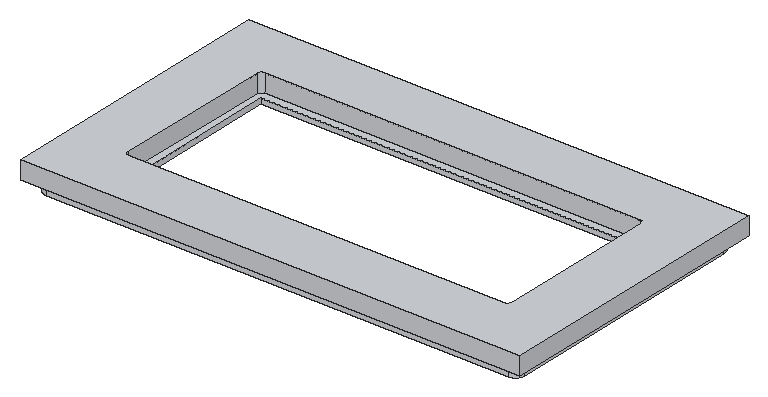
Revit family "Gira_100218", category Electrical Fixtures, host Face, Revit 2017
Family settings
  Host = Face
  Maintain Annotation Orientation = No
  Round Connector Dimension = Use Diameter
  Part Type = Normal
  Cut with Voids When Loaded = No
  Shared = No
  Room Calculation Point = No
Parameters (values of type "Abdeckrahmen 2f o.M. Gira Esprit G Mint")
  Werkstoffgüte = "Echtglas"
  Werkstoff = "Glas"
  URL = "http://katalog.gira.de/de_DE/datenblatt.html?artikelnr=100218"
  Transparent = "No"
  Textfeld/Beschriftungsfläche = "No"
  Schutzart (IP) = "IP20"
  Region = "DE"
  Oberfläche = "sonstige"
  Name = "Abdeckrahmen 2f o.M. Gira Esprit G Mint"
  Montagerichtung = "horizontal und vertikal"
  Mit Montagerahmen = "No"
  Mit Klappdeckel = "No"
  Manufacturer URL = "https://www.gira.de/"
  Keynote = "Espr._Rahmen_2fach o.Mittelsteg"
  HeinzeBIM = "https://bimportal.heinze.de/bim/abdeckrahmen-2f-o-m-gira-esprit-g-mint/db542029d21295cbae78b025ad7f3744c507244b"
  Halogenfrei = "No"
  HAN = "100218"
  Geeignet für Unterputz-Installation = "Yes"
  Geeignet für Unterflurkanaldose = "No"
  Geeignet für Geräteeinbaukanal = "No"
  Geeignet für Einbauinstallation = "No"
  GTIN = "4010337002185"
  Farbe = "grün"
  Default Elevation = 1219.2 mm
  Data sheet (1) = "https://katalog.gira.de/de_DE/download.html?artikelnr=100218"
  Category = "Abdeckrahmen"
  Befestigungsart = "Klemmbefestigung"
  Available = "Yes"
  Anzahl der Einheiten vertikal = "2 "
  Anzahl der Einheiten horizontal = "2 "
  Anzahl der Einheiten = "2 "
Reference planes
  plane 1 "Center (Front/Back)": y = 0
  plane 2: z = 0
  plane 3 "Center (Left/Right)": x = 0
Forms (mm)
  Extrusion 1, solid, detail levels fine
    sketch origin (0, 0, 0) x (1, 0, 0) y (0, 1, 0)
      loop
        line (-83, 47.5) -> (-83, -47.5) -> (83, -47.5) -> (83, 47.5) -> (-83, 47.5)
      loop
        arc (-63.75, -26.7) -> (-63.311, -27.761) -> (-62.25, -28.2) r 1.5
        line (-62.25, -28.2) -> (62.25, -28.2)
        arc (62.25, -28.2) -> (63.311, -27.761) -> (63.75, -26.7) r 1.5
        line (63.75, -26.7) -> (63.75, 26.7)
        arc (63.75, 26.7) -> (63.311, 27.761) -> (62.25, 28.2) r 1.5
        line (62.25, 28.2) -> (-62.25, 28.2)
        arc (-62.25, 28.2) -> (-63.311, 27.761) -> (-63.75, 26.7) r 1.5
        line (-63.75, 26.7) -> (-63.75, -26.7)
    from 0 to 6
  Extrusion 2, solid, detail levels fine
    sketch origin (0, 0, 0) x (1, 0, 0) y (0, 1, 0)
      loop
        line (-61.518, -25.7) -> (61.45, -25.7) -> (61.45, 25.7) -> (-61.518, 25.7) -> (-61.518, -25.7)
      loop
        arc (-78.55, -41.3) -> (-78.023, -42.573) -> (-76.75, -43.1) r 1.8
        line (-76.75, -43.1) -> (77.95, -43.1)
        arc (77.95, -43.1) -> (79.223, -42.573) -> (79.75, -41.3) r 1.8
        line (79.75, -41.3) -> (79.75, 41.3)
        arc (79.75, 41.3) -> (79.223, 42.573) -> (77.95, 43.1) r 1.8
        line (77.95, 43.1) -> (-76.75, 43.1)
        arc (-76.75, 43.1) -> (-78.023, 42.573) -> (-78.55, 41.3) r 1.8
        line (-78.55, 41.3) -> (-78.55, -41.3)
    from -1.9 to 0
  Extrusion 3, solid, detail levels fine
    sketch origin (0, 0, 0) x (1, 0, 0) y (0, 1, 0)
      loop
        arc (-76.75, 44.4) -> (-78.871, 43.521) -> (-79.75, 41.4) r 3
        line (-79.75, 41.4) -> (-79.75, -41.4)
        arc (-79.75, -41.4) -> (-78.871, -43.521) -> (-76.75, -44.4) r 3
        line (-76.75, -44.4) -> (76.75, -44.4)
        arc (76.75, -44.4) -> (78.871, -43.521) -> (79.75, -41.4) r 3
        line (79.75, -41.4) -> (79.75, 41.4)
        arc (79.75, 41.4) -> (78.871, 43.521) -> (76.75, 44.4) r 3
        line (76.75, 44.4) -> (-76.75, 44.4)
      loop
        arc (-78.55, -41.4) -> (-78.023, -42.673) -> (-76.75, -43.2) r 1.8
        line (-76.75, -43.2) -> (76.75, -43.2)
        arc (76.75, -43.2) -> (78.023, -42.673) -> (78.55, -41.4) r 1.8
        line (78.55, -41.4) -> (78.55, 41.4)
        arc (78.55, 41.4) -> (78.023, 42.673) -> (76.75, 43.2) r 1.8
        line (76.75, 43.2) -> (-76.75, 43.2)
        arc (-76.75, 43.2) -> (-78.023, 42.673) -> (-78.55, 41.4) r 1.8
        line (-78.55, 41.4) -> (-78.55, -41.4)
    from -3.7 to 0
  Extrusion 4, solid, detail levels medium
    sketch origin (0, 0, 0) x (1, 0, 0) y (0, 1, 0)
      loop
        line (-83, 47.5) -> (-83, -47.5) -> (83, -47.5) -> (83, 47.5) -> (-83, 47.5)
    from 0 to 6
  Extrusion 5, solid, detail levels medium
    sketch origin (0, 0, 0) x (1, 0, 0) y (0, 1, 0)
      loop
        line (-79.75, 44.4) -> (-79.75, -44.4) -> (79.75, -44.4) -> (79.75, 44.4) -> (-79.75, 44.4)
    from -3.7 to 0
  Extrusion 6, solid, detail levels coarse
    sketch origin (0, 0, 0) x (1, 0, 0) y (0, 1, 0)
      loop
        line (-83, 47.5) -> (-83, -47.5) -> (83, -47.5) -> (83, 47.5) -> (-83, 47.5)
    from -3.7 to 6
Dimensions and locks
  aligned and locked: plane 2 to host face
  aligned and locked: level to host face
